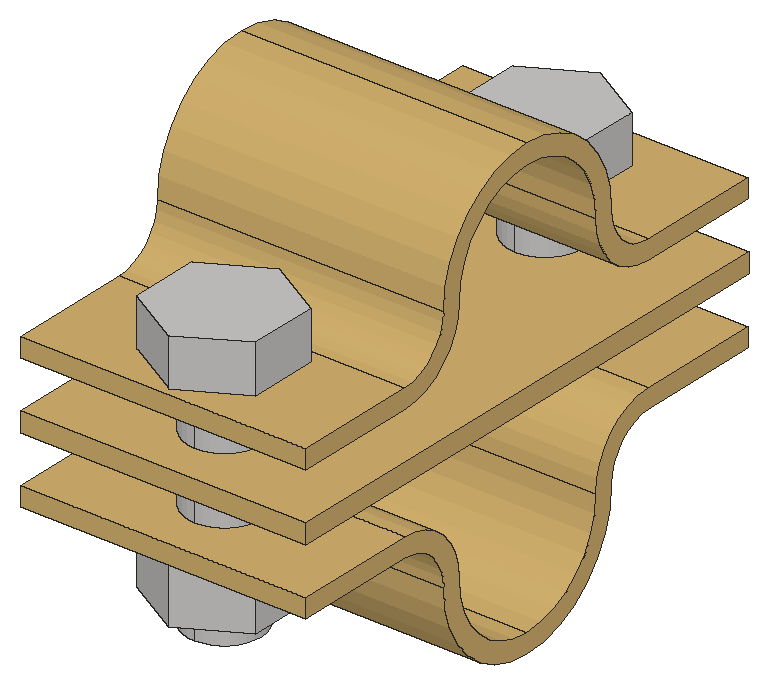
Revit family "DF_ЗажимПараллельный_Стержень_Стержень_16_EZETEK", category Соединительные детали воздуховодов, Revit 2017
Family settings
  Размер круглого соединителя = Использовать радиус
  Тип детали = Соединение
  На основе рабочей плоскости = Нет
  Всегда вертикально = Да
  При загрузке вырезать с полостями = Нет
  Общий = Нет
Parameters (values of type "ЗажимПараллельный_Стержень-Стержень_Латунь_90553-1")
  Угол = 0.00°  # constant formula
  Тип = FA_ЗажимПараллельный_Стержень_Стержень_16_EZETEK : ЗажимПараллельный_Стержень-Стержень_Латунь_90553-1
  Смещение_Коннекторы_По вертикали [instance] = if(Графика_Сместить_ПоВертикали, 10.5 mm, 0 mm)  # 10.5 mm
  Смещение_Коннекторы_Длина [instance] = if(Графика_Сместить_ПоДлине, 50 mm, 1 mm)  # 50 mm
  Описание = "Зажимы позволяют выполнить соединение в параллельном направлении стрежней, молниеприемников диаметром 16 мм между собой. Зажим стягивается болтами М8. Латунный зажим (арт. 90553-1) позволяет соединить коррозионно несовместимые металлы."  # constant formula
  Группа модели = "Зажимы"  # constant formula
  Графика_Сместить_ПоДлине [instance] = yes
  Графика_Сместить_ПоВертикали [instance] = yes
  Производитель_Контакты = "ezetek@ezetek.ru"  # constant formula
  built-in parameter 1114242 [instance] = 1 = 0  # (empty or 0)
  Изготовитель = "Ezetek"  # constant formula
  URL = "https://ezetek.ru/"
  ADSK_Этаж [instance] = ""
  ADSK_Размер_Радиус [instance] = 8 mm  # constant formula
  ADSK_Размер_Диаметр [instance] = ADSK_Размер_Радиус * 2  # 16 mm
  ADSK_Примечание [instance] = "Неспецифицируемое"  # constant formula
  ADSK_Позиция [instance] = "Неспецифицируемое"  # constant formula
  ADSK_Обозначение = "Неспецифицируемое"  # constant formula
  ADSK_Наименование краткое [instance] = "Неспецифицируемое"  # constant formula
  ADSK_Наименование = "Неспецифицируемое"  # constant formula
  ADSK_Материал = BIMLIB_Латунь_EZETEK
  ADSK_Масса_Текст = "Неспецифицируемое"  # constant formula
  ADSK_Масса = 0  # constant formula
  ADSK_Марка = "Неспецифицируемое"  # constant formula
  ADSK_Количество = 0  # constant formula
  ADSK_Код изделия = "Неспецифицируемое"  # constant formula
  ADSK_Завод-изготовитель = "Неспецифицируемое"  # constant formula
  ADSK_Единица измерения = "Неспецифицируемое"  # constant formula
  ADSK_Группирование [instance] = ""
  ADSK_Версия Revit = "2017"  # constant formula
Types (3, lengths in mm): name | Тип | ADSK_Материал
  ЗажимПараллельный_Стержень-Стержень_Латунь_90553-1 | FA_ЗажимПараллельный_Стержень_Стержень_16_EZETEK : ЗажимПараллельный_Стержень-Стержень_Латунь_90553-1 | BIMLIB_Латунь_EZETEK
  ЗажимПараллельный_Стержень-Стержень_СтальОцинкованная_90550-1 | FA_ЗажимПараллельный_Стержень_Стержень_16_EZETEK : ЗажимПараллельный_Стержень-Стержень_СтальОцинкованная_90550-1 | BIMLIB_Сталь_Оцинкованная_EZETEK
  ЗажимПараллельный_Стержень-Стержень_Медь_90552-1 | FA_ЗажимПараллельный_Стержень_Стержень_16_EZETEK : ЗажимПараллельный_Стержень-Стержень_Медь_90552-1 | BIMLIB_Латунь_EZETEK
Reference planes
  plane 1 "По центру (Вперед/Назад)": y = 0
  plane 2: z = 0
  plane 3 "По центру (Влево/Вправо)": x = 0
  plane 4 "U": z = 10.5
  plane 5 "L": z = -10.5
  plane 6: x = 0
Lines and regions (mm)
  reference lines
    curve 1: line (-1, 0, 10.5) -> (50, 0, 10.5)
    curve 2: line (1, 0, -10.5) -> (-50, 0, -10.5)
Dimensions and locks
  "Смещение_Коннекторы_По вертикали": plane 4 "U" to plane 2 to plane 5 "L"
  locked: curve 1 to plane 6 at 1
  "Смещение_Коннекторы_Длина": plane 6 to curve 1
  locked: plane 6 to curve 2 at 1
  "Смещение_Коннекторы_Длина": curve 2 to plane 3 "По центру (Влево/Вправо)"
  aligned and locked: level to plane 2
  aligned and locked: curve 1 to plane 4 "U"
  aligned and locked: plane 5 "L" to curve 2
Automatic sketch dimensions
  plane 1 "По центру (Вперед/Назад)" to curve 1 = 0 mm
  plane 1 "По центру (Вперед/Назад)" to curve 2 = 0 mm
Nested families
  nested 1: "FA_ЗажимПараллельный_Стержень_Стержень_16_EZETEK" at (0, 0, 0) x (0, 1, 0) z (0, 0, 1), type <- "Тип", ADSK_Этаж <- "ADSK_Этаж", ADSK_Группирование <- "ADSK_Группирование", type "ЗажимПараллельный_Стержень-Стержень_Латунь_90553-1", detail levels fine
    with Сместить стержни no, Использовать масштаб аннотаций 0, ADSK_Этаж "", ADSK_Примечание "", ADSK_Позиция "", ADSK_Наименование краткое "Зажим заземления", ADSK_Группирование ""
Connectors
  hvac at (50, 0, 10.5), driven by "ADSK_Размер_Радиус"
    settings: on curve 1, index 1, duct flow 0.0 L/s, flow factor 0, pres drop 0.0 Pa, loss coef 0, conn angle 0.00°, conn width 304.8 mm, conn height 304.8 mm, conn diameter 16 mm, duct sys type 1, conn prof type 0, flow config 0, flow direction 0, loss method 0, conn ref index 2, conn util no, is conn primary yes, conn desc ""
  hvac at (-50, 0, -10.5), driven by "ADSK_Размер_Радиус"
    settings: on curve 2, index 2, duct flow 0.0 L/s, flow factor 0, pres drop 0.0 Pa, loss coef 0, conn angle 0.00°, conn width 304.8 mm, conn height 304.8 mm, conn diameter 16 mm, duct sys type 1, conn prof type 0, flow config 0, flow direction 0, loss method 0, conn ref index 1, conn util no, is conn primary no, conn desc ""
Definition of nested family "FA_ЗажимПараллельный_Стержень_Стержень_16_EZETEK"
  Parameters (values of type "ЗажимПараллельный_Стержень-Стержень_Медь_90552-1")
    Угол = 90.00°  # constant formula
    Сместить стержни [instance] = yes
    Производитель_Контакты = "ezetek@ezetek.ru"  # constant formula
    Description = "Зажимы позволяют выполнить соединение в параллельном направлении стрежней, молниеприемников диаметром 16 мм между собой. Зажим стягивается болтами М8. Латунный зажим (арт. 90553-1) позволяет соединить коррозионно несовместимые металлы."
    Использовать масштаб аннотаций [instance] = 1 = 0  # 0
    Manufacturer = "Ezetek"  # constant formula
    Model = "Зажимы"  # constant formula
    URL = "https://ezetek.ru/"
    ADSK_Этаж [instance] = ""
    ADSK_Примечание [instance] = ""
    ADSK_Позиция [instance] = ""
    ADSK_Обозначение = "90552-1"
    ADSK_Наименование краткое [instance] = "Зажим соединительный"
    ADSK_Наименование = "Зажим соединительный стержень 16 мм — стержень параллельный, медь"
    ADSK_Материал = none
    ADSK_Масса_Текст = "0.13"  # constant formula
    ADSK_Масса = 0.13  # constant formula
    ADSK_Марка = "90552-1"
    ADSK_Количество = 1  # constant formula
    ADSK_Код изделия = "90552-1"
    ADSK_Завод-изготовитель = "Ezetek"  # constant formula
    ADSK_Единица измерения = "шт."  # constant formula
    ADSK_Группирование [instance] = ""
    ADSK_Версия Revit = "2017"  # constant formula
  Types (3, lengths in mm): name | Сместить стержни | ADSK_Обозначение | ADSK_Наименование | ADSK_Марка | ADSK_Код изделия
    ЗажимПараллельный_Стержень-Стержень_Медь_90552-1 | yes | "90552-1" | "Зажим соединительный стержень 16 мм — стержень параллельный, медь" | "90552-1" | "90552-1"
    ЗажимПараллельный_Стержень-Стержень_СтальОцинкованная_90550-1 | yes | "90550-1" | "Зажим соединительный стержень 16 мм — стержень параллельный, оцинк." | "90550-1" | "90550-1"
    ЗажимПараллельный_Стержень-Стержень_Латунь_90553-1 | no | "90553-1" | "Зажим соединительный стержень 16 мм — стержень параллельный, латунь" | "90553-1" | "90553-1"
  Reference planes
    plane 1 "По центру (Вперед/Назад)": y = 0
    plane 2: z = 0
    plane 3 "По центру (Влево/Вправо)": x = 0
    plane 4: z = 1
    plane 5: z = -1
    plane 6: z = 8
    plane 7 "Up": z = 6
    plane 8: z = -6
    plane 9: z = -8
    plane 10: z = 13
    plane 11: z = -14.4
    plane 12: z = -17.11
    plane 13: z = 7
    plane 14: z = -7
    plane 15 "M": y = 0
    plane 16 "U": z = 9.5
    plane 17 "L": z = -9.5
    plane 18: z = -9.5
    plane 19: x = 0
    plane 20: x = -29
    plane 21: x = 29
    plane 22: x = -21
    plane 23: x = 21
  Forms (mm)
    Extrusion 1, solid, material <- "ADSK_Материал", detail levels fine
      sketch origin (0, 0, 0) x (1, 0, 0) y (0, 1, 0)
        loop
          line (-29, 15) -> (-29, -15) -> (29, -15) -> (29, 15) -> (-29, 15)
      from 1 to -1
    Extrusion 2, solid, detail levels fine
      sketch origin (15, 0, 0) x (1, 0, 0) y (0, 1, 0)
        loop
          line (-39.603, 6.24) -> (-43.205, 0) -> (-39.603, -6.24) -> (-32.397, -6.24) -> (-28.795, 0) -> (-32.397, 6.24) -> (-39.603, 6.24)
      from 13 to 8
    Extrusion 3, solid, detail levels fine
      sketch origin (57, 0, 0) x (1, 0, 0) y (0, 1, 0)
        loop
          line (-39.603, 6.24) -> (-43.205, 0) -> (-39.603, -6.24) -> (-32.397, -6.24) -> (-28.795, 0) -> (-32.397, 6.24) -> (-39.603, 6.24)
      from 13 to 8
    Extrusion 4, solid, detail levels fine
      sketch origin (15, 0, 0) x (1, 0, 0) y (0, 1, 0)
        loop
          line (-39.603, 6.24) -> (-43.205, 0) -> (-39.603, -6.24) -> (-32.397, -6.24) -> (-28.795, 0) -> (-32.397, 6.24) -> (-39.603, 6.24)
      from -8 to -14.4
    Extrusion 5, solid, detail levels fine
      sketch origin (57, 0, 0) x (1, 0, 0) y (0, 1, 0)
        loop
          line (-39.603, 6.24) -> (-43.205, 0) -> (-39.603, -6.24) -> (-32.397, -6.24) -> (-28.795, 0) -> (-32.397, 6.24) -> (-39.603, 6.24)
      from -8 to -14.4
    Extrusion 6, solid, detail levels fine
      sketch origin (15, 0, 0) x (1, 0, 0) y (0, 1, 0)
        loop
          circle (-36, 0) r 3.9
      from 8 to -17.11
    Extrusion 7, solid, detail levels fine
      sketch origin (57, 0, 0) x (1, 0, 0) y (0, 1, 0)
        loop
          circle (-36, 0) r 3.9
      from 8 to -17.11
    Blend 8, solid, material <- "ADSK_Материал", detail levels fine
      base sketch origin (0, 0, 0) x (1, 0, 0) y (0, 0, 1)
        loop
          line (-29, 8) -> (-29, 6) -> (-15.918, 6)
          arc (-15.918, 6) -> (-11.013, 8.039) -> (-9, 12.954) r 6.918
          arc (-9, 12.954) -> (-6.38, 19.348) -> (0, 22) r 9
          arc (0, 22) -> (6.38, 19.348) -> (9, 12.954) r 9
          arc (9, 12.954) -> (11.013, 8.039) -> (15.918, 6) r 6.918
          line (15.918, 6) -> (29, 6) -> (29, 8) -> (16, 8)
          arc (16, 8) -> (12.464, 9.464) -> (11, 13) r 5
          arc (11, 13) -> (7.778, 20.778) -> (0, 24) r 11
          arc (0, 24) -> (-7.778, 20.778) -> (-11, 13) r 11
          arc (-11, 13) -> (-12.464, 9.464) -> (-16, 8) r 5
          line (-16, 8) -> (-29, 8)
      top sketch origin (0, 0, 0) x (1, 0, 0) y (0, 0, 1)
        loop
          arc (-15.918, 6) -> (-11.013, 8.039) -> (-9, 12.954) r 6.918
          arc (-9, 12.954) -> (-6.38, 19.348) -> (0, 22) r 9
          arc (0, 22) -> (6.38, 19.348) -> (9, 12.954) r 9
          arc (9, 12.954) -> (11.013, 8.039) -> (15.918, 6) r 6.918
          line (15.918, 6) -> (29, 6) -> (29, 8) -> (16, 8)
          arc (16, 8) -> (12.464, 9.464) -> (11, 13) r 5
          arc (11, 13) -> (7.778, 20.778) -> (0, 24) r 11
          arc (0, 24) -> (-7.778, 20.778) -> (-11, 13) r 11
          arc (-11, 13) -> (-12.464, 9.464) -> (-16, 8) r 5
          line (-16, 8) -> (-29, 8) -> (-29, 6) -> (-15.918, 6)
      from 15 to -15
    Blend 9, solid, material <- "ADSK_Материал", detail levels fine
      base sketch origin (0, 0, 0) x (1, 0, 0) y (0, 0, 1)
        loop
          line (-29, -8) -> (-16, -8)
          arc (-16, -8) -> (-12.464, -9.464) -> (-11, -13) r 5
          arc (-11, -13) -> (-7.778, -20.778) -> (0, -24) r 11
          arc (0, -24) -> (7.778, -20.778) -> (11, -13) r 11
          arc (11, -13) -> (12.464, -9.464) -> (16, -8) r 5
          line (16, -8) -> (29, -8) -> (29, -6) -> (15.918, -6)
          arc (15.918, -6) -> (11.013, -8.039) -> (9, -12.954) r 6.918
          arc (9, -12.954) -> (6.38, -19.348) -> (0, -22) r 9
          arc (0, -22) -> (-6.38, -19.348) -> (-9, -12.954) r 9
          arc (-9, -12.954) -> (-11.013, -8.039) -> (-15.918, -6) r 6.918
          line (-15.918, -6) -> (-29, -6) -> (-29, -8)
      top sketch origin (0, 0, 0) x (1, 0, 0) y (0, 0, 1)
        loop
          line (-15.918, -6) -> (-29, -6) -> (-29, -8) -> (-16, -8)
          arc (-16, -8) -> (-12.464, -9.464) -> (-11, -13) r 5
          arc (-11, -13) -> (-7.778, -20.778) -> (0, -24) r 11
          arc (0, -24) -> (7.778, -20.778) -> (11, -13) r 11
          arc (11, -13) -> (12.464, -9.464) -> (16, -8) r 5
          line (16, -8) -> (29, -8) -> (29, -6) -> (15.918, -6)
          arc (15.918, -6) -> (11.013, -8.039) -> (9, -12.954) r 6.918
          arc (9, -12.954) -> (6.38, -19.348) -> (0, -22) r 9
          arc (0, -22) -> (-6.38, -19.348) -> (-9, -12.954) r 9
          arc (-9, -12.954) -> (-11.013, -8.039) -> (-15.918, -6) r 6.918
      from 15 to -15
  Dimensions and locks
    locked: plane 2 to plane 5 at 1
    locked: plane 4 to plane 2 at 1
    plane 4 to plane 5 = 2 mm
    locked: plane 6 to plane 7 "Up" at 2
    locked: plane 8 to plane 9 at 2
    locked: plane 10 to plane 6 at 5
    locked: plane 7 "Up" to plane 4 at 5
    locked: plane 5 to plane 8 at 5
    locked: plane 9 to plane 11 at 6.4
    locked: plane 11 to plane 12 at 2.71
    equal spacing: plane 6, plane 13, plane 7 "Up"
    equal spacing: plane 8, plane 14, plane 9
    locked: plane 20 to plane 3 "По центру (Влево/Вправо)" at 29
    locked: plane 21 to plane 3 "По центру (Влево/Вправо)" at 29
    locked: plane 22 to plane 3 "По центру (Влево/Вправо)" at 21
    locked: plane 23 to plane 3 "По центру (Влево/Вправо)" at 21
    aligned and locked: level to plane 2
    aligned and locked: Extrusion 1 to plane 5
    aligned and locked: plane 4 to Extrusion 1
    aligned and locked: plane 10 to Extrusion 2
    aligned and locked: Extrusion 2 to plane 6
    aligned and locked: Extrusion 4 to plane 11
    aligned and locked: plane 9 to Extrusion 4
    aligned and locked: plane 6 to Extrusion 6
    aligned and locked: Extrusion 6 to plane 12
    aligned and locked: Blend 8 sketch curve to plane 6
    aligned and locked: plane 7 "Up" to Blend 8 sketch curve
    aligned and locked: Extrusion 1 sketch curve to plane 20
    aligned and locked: Extrusion 1 sketch curve to plane 21
  Automatic sketch dimensions
    plane 1 "По центру (Вперед/Назад)" to Extrusion 2 sketch curve = 0 mm  (x2)
    Extrusion 2 sketch curve to plane 20 = 0.795 mm
    plane 22 to Extrusion 2 sketch curve = 3.603 mm  (x2)
    Extrusion 2 sketch curve to plane 22 = 3.603 mm  (x2)
    Extrusion 2 sketch curve to plane 22 = 7.205 mm
    plane 1 "По центру (Вперед/Назад)" to Extrusion 2 sketch curve = 6.24 mm
    Extrusion 2 sketch curve to plane 1 "По центру (Вперед/Назад)" = 6.24 mm
    plane 1 "По центру (Вперед/Назад)" to Extrusion 3 sketch curve = 0 mm  (x2)
    Extrusion 3 sketch curve to plane 23 = 7.205 mm
    Extrusion 3 sketch curve to plane 23 = 3.603 mm  (x2)
    plane 23 to Extrusion 3 sketch curve = 3.603 mm  (x2)
    Extrusion 3 sketch curve to plane 21 = 0.795 mm
    plane 1 "По центру (Вперед/Назад)" to Extrusion 3 sketch curve = 6.24 mm
    Extrusion 3 sketch curve to plane 1 "По центру (Вперед/Назад)" = 6.24 mm
    plane 1 "По центру (Вперед/Назад)" to Extrusion 4 sketch curve = 0 mm  (x2)
    Extrusion 4 sketch curve to plane 20 = 0.795 mm
    plane 22 to Extrusion 4 sketch curve = 3.603 mm  (x2)
    Extrusion 4 sketch curve to plane 22 = 3.603 mm  (x2)
    Extrusion 4 sketch curve to plane 22 = 7.205 mm
    plane 1 "По центру (Вперед/Назад)" to Extrusion 4 sketch curve = 6.24 mm
    Extrusion 4 sketch curve to plane 1 "По центру (Вперед/Назад)" = 6.24 mm
    plane 1 "По центру (Вперед/Назад)" to Extrusion 5 sketch curve = 0 mm  (x2)
    Extrusion 5 sketch curve to plane 23 = 7.205 mm
    Extrusion 5 sketch curve to plane 23 = 3.603 mm  (x2)
    plane 23 to Extrusion 5 sketch curve = 3.603 mm  (x2)
    Extrusion 5 sketch curve to plane 21 = 0.795 mm
    plane 1 "По центру (Вперед/Назад)" to Extrusion 5 sketch curve = 6.24 mm
    Extrusion 5 sketch curve to plane 1 "По центру (Вперед/Назад)" = 6.24 mm
    plane 1 "По центру (Вперед/Назад)" to Extrusion 6 sketch curve = 0 mm
    Extrusion 6 sketch curve to plane 22 = 0 mm
    plane 1 "По центру (Вперед/Назад)" to Extrusion 7 sketch curve = 0 mm
    Extrusion 7 sketch curve to plane 23 = 0 mm
    Blend 8 sketch curve to Blend 8 sketch curve = 0 mm  (x28)
    Blend 8 sketch curve to plane 6 = 0 mm  (x3)
    plane 20 to Blend 8 sketch curve = 0 mm  (x2)
    Blend 8 sketch curve to plane 10 = 0 mm  (x2)
    Blend 8 sketch curve to plane 7 "Up" = 0 mm  (x3)
    Blend 8 sketch curve to plane 3 "По центру (Влево/Вправо)" = 0 mm  (x2)
    Blend 8 sketch curve to plane 21 = 0 mm  (x2)
    Blend 8 sketch curve to plane 22 = 5 mm  (x2)
    Blend 8 sketch curve to Blend 8 sketch curve = 0.082 mm  (x4)
    Blend 8 sketch curve to plane 10 = 0.082 mm  (x4)
    Blend 8 sketch curve to plane 23 = 5.082 mm  (x2)
    Blend 9 sketch curve to Blend 9 sketch curve = 0 mm  (x28)
    Blend 9 sketch curve to plane 9 = 0 mm  (x4)
    plane 20 to Blend 9 sketch curve = 0 mm  (x2)
    Blend 9 sketch curve to plane 8 = 0 mm  (x4)
    Blend 9 sketch curve to plane 3 "По центру (Влево/Вправо)" = 0 mm  (x2)
    Blend 9 sketch curve to plane 21 = 0 mm  (x2)
    Blend 9 sketch curve to plane 22 = 5 mm  (x2)
    Blend 9 sketch curve to Blend 9 sketch curve = 0.082 mm  (x6)
    plane 11 to Blend 9 sketch curve = 1.482 mm  (x3)
    Blend 9 sketch curve to plane 23 = 5.082 mm  (x2)
    plane 11 to Blend 9 sketch curve = 1.4 mm
    plane 1 "По центру (Вперед/Назад)" to Extrusion 1 sketch curve = 15 mm
    Extrusion 1 sketch curve to plane 1 "По центру (Вперед/Назад)" = 15 mm
    radius of Extrusion 6 sketch curve = 3.9 mm
    radius of Extrusion 7 sketch curve = 3.9 mm
